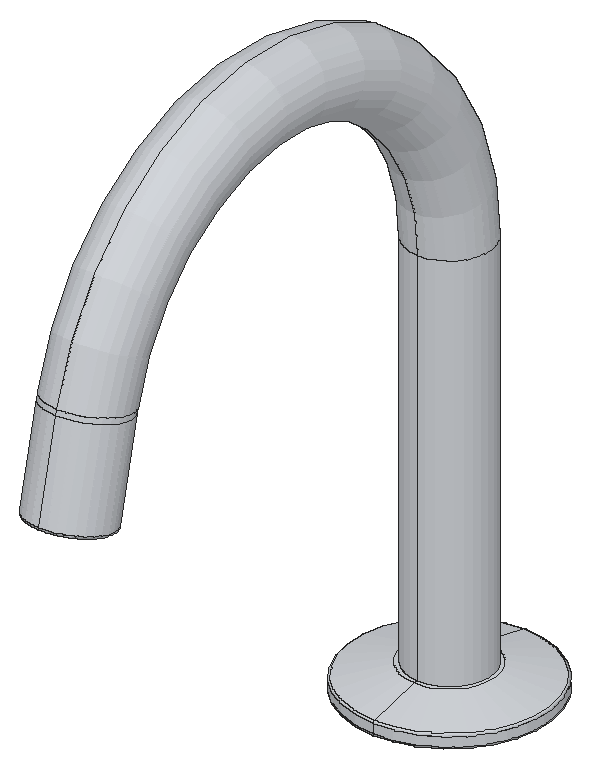
Revit family "A", category Plumbing Fixtures, host Face, Revit 2021
Family settings
  Host = Face
  Round Connector Dimension = Use Diameter
  Part Type = Normal
  OmniClass Number = 23.31.11.00
  Cut with Voids When Loaded = No
  Shared = No
  Room Calculation Point = No
Parameters (values of type "0.5 GPM, CP-Polished Chrome")
  Width = 2.3622"  # constant formula
  WaterSense Certified = 1 = 0  # no
  Waste Water Outlet = "Waste Water Outlet"  # constant formula
  Waste Connection = 1 = 0  # no
  Vent Connection = 1 = 0  # no
  URL = "https://www.us.kohler.com/us/"
  Type = 1
  Tempered Water Inlet = "Tempered Water Inlet"  # constant formula
  Spout Reach = 5.75591"  # constant formula
  Product Page URL = "http://www.us.kohler.com/us/catalog/productDetails.jsp?productNumber=104MT77-SANA"
  Product Name = "Components"  # constant formula
  Product Documentation Link = "https://www.us.kohler.com/webassets/kpna/catalog/pdf/en/K-104MT77-SANA _spec_US-CA_Kohler_en.pdf"
  Pressure = 0.00 psi
  Model = if(Type = 1, "K-104MT77-SANA -CP", "NA")  # "K-104MT77-SANA -CP"
  Material = "Premium Metal Construction"  # constant formula
  Master Format 2014 Name = "Residential Faucets, Supplies, and Trim"  # constant formula
  Master Format 2014 = "22 41 39"  # constant formula
  Manufacturer Address = "444 Highland Dr, Kohler, WI 53044"  # constant formula
  Manufacturer = "Kohler Co."  # constant formula
  Length = Spout Reach  # 5.75591"
  Hot Water Inlet = "Hot Water Inlet"  # constant formula
  Height = 8.38583"  # constant formula
  HW Connection = 1 = 1  # yes
  Flow Rate = 0.5 GPM  # constant formula
  Finish = Kohler-Metal-CP-Polished_Chrome
  Environmental Product Declaration = ""
  Drain Included = 1 = 1  # yes
  Description = "TB S Deck Mount 0.5 GPM DC With Mixer"  # constant formula
  Default Elevation = 36"
  Declare Label = ""
  Date Modified = "02/28/2024"  # constant formula
  Date Created = "02/28/2024"  # constant formula
  Copyright = "Copyright Kohler Co."  # constant formula
  Contact Us = "https://www.us.kohler.com/us/static/contact.jsp"
  Cold Water Inlet = "Cold Water Inlet"  # constant formula
  CW Connection = 1 = 0  # no
  Assembly Code = "D2010"
  ADA Compliant = 1 = 0  # no
Reference planes (in)
  plane 1 "Center (Front/Back)": y = 0
  plane 2: z = 0
  plane 3 "Center (Left/Right)": x = 0
  plane 4: y = 1.1811
  plane 5: y = -1.1811
  plane 6: x = -1.1811
  plane 7: x = 1.1811
  plane 8: y = 0.49213
  plane 9: y = -0.49213
  plane 10: y = -6.38145
  plane 11: x = -0.49213
  plane 12: x = 0.49213
  plane 13: z = 8.38583
  plane 14: z = 4.40945
  plane 15: through (0, 1.1811, 2.80687) normal (0, 0.225, 0.9744)
  plane 16: y = -5.75591
Dimensions and locks (in)
  plane 6 to plane 7 = 2.3622"
  plane 11 to plane 12 = 0.98425"  (x2)
  plane 4 to plane 5 = 2.3622"  (x3)
  plane 4 to plane 10 = 7.56255"  (x2)
  plane 10 to plane 1 "Center (Front/Back)" = 6.38145"
  "Height": plane 13 to level
  "Width": plane 6 to plane 7
  plane 14 to level = 4.40945"
  level to plane 14 = 4.40945"
  level to plane 13 = 8.38583"
  plane 1 "Center (Front/Back)" to plane 10 = 6.38145"
  "Length": plane 1 "Center (Front/Back)" to plane 16
  plane 8 to plane 9 = 0.98425"
  aligned and locked: plane 2 to host face
  aligned and locked: level to host face
Automatic sketch dimensions
  host sketch curve to host sketch curve = 96"  (x2)
Nested families (in)
  nested 1: "K-104MT77" at (0, 0, 0), type "K-104MT77"
Connectors (in)
  piping at (0, 0, 0), diameter 0.5, driven by "Flow Rate", driven by "CW Connection", driven by "Tempered Water Inlet"
    settings: on nested 1, index 1, connector inside diameter 24", connector length 0", flow factor 0, pipe flow 0.5 GPM, pressure drop 0.00 psi, fitting loss kfactor 0, connector angle 0.00°, fixture units 0, engagement length 0", angle of deflection 0.00°, flow configuration 1, flow direction 1, fitting loss method 0, system type 19, joint type 0, gender type 0, connector reference index -1, connector utility 0, adjustable connector no, is connector primary yes, connector description "Tempered Water Inlet"
Definition of nested family "K-104MT77"
  Parameters
    Material = none
    Default Elevation = 0"
  Reference planes (in)
    plane 1 "Center (Front/Back)": y = 0
    plane 2: z = 0
    plane 3 "Center (Left/Right)": x = 0
    plane 4: z = 8.38583
    plane 5: x = -0.49213
    plane 6: x = 0.49213
    plane 7: x = -1.1811
    plane 8: x = 1.1811
    plane 9: y = 0.49213
    plane 10: y = -0.49213
    plane 11: y = 1.1811
    plane 12: y = -1.1811
    plane 13: z = 4.40945
    plane 14: y = -6.38145
    plane 15: z = 0.31486
    plane 16: z = 0.16114
    plane 17: z = 0.14187
    plane 18 "AA": through (0, -5.85373, 4.45372) normal (0, 0.225, 0.9744)
    plane 19: through (0, -5.44585, 4.35249) normal (0, 0.225, 0.9744)
    plane 20: through (0, -6.01229, 4.4676) normal (0, -0.225, -0.9744)
  Forms (in)
    Revolve 1, solid, material <- "Material", detail levels medium+fine
      sketch origin (0, 0, 0) x (0, 1, 0) y (0, 0, 1)
        loop
          arc (1.16142, 0) -> (1.17534, 0.00577) -> (1.1811, 0.01969) r 0.01969
          line (1.1811, 0.01969) -> (1.1811, 0.13546)
          arc (1.1811, 0.13546) -> (1.17511, 0.1527) -> (1.15971, 0.1625) r 0.02779
          line (1.15971, 0.1625) -> (0.54311, 0.30838)
          arc (0.54311, 0.30838) -> (0.51554, 0.31323) -> (0.4876, 0.31486) r 0.24114
          line (0.4876, 0.31486) -> (0, 0.31486) -> (0, 0) -> (1.16142, 0)
        axis (0, 0.31486) -> (0, 0)
      angle from 0 to 360
    Sweep 2, solid, material <- "Material", detail levels medium+fine
      path origin (0, 0, 0) x (0, 1, 0) y (0, 0, 1)
        loop
          line (-5.71344, 5.30848) -> (-5.62488, 5.69209)
          arc (-5.62488, 5.69209) -> (-2.52644, 7.88185) -> (0, 5.05121) r 2.84895
          line (0, 5.05121) -> (0, 0.21572)
      profile origin (0, 0, 2.63347) x (1, 0, 0) y (0, 1, 0)
        loop
          circle (0, 0) r 0.49213
    Revolve 3, solid, material <- "Material", detail levels medium+fine
      sketch origin (0, 0, 0) x (0, 1, 0) y (0, 0, 1)
        loop
          line (-5.90789, 4.46625) -> (-5.63893, 5.63124) -> (-6.11844, 5.74195) -> (-6.38209, 4.59997)
          arc (-6.38209, 4.59997) -> (-6.3791, 4.58213) -> (-6.36439, 4.57164) r 0.02362
          line (-6.36439, 4.57164) -> (-5.90789, 4.46625)
        axis (-5.63893, 5.63124) -> (-5.90789, 4.46625)
      angle from 0 to 360
    Extrusion 4, void
      sketch origin (0, 0.67997, 2.94529) x (0, 0.97437, -0.224951) y (-1, 0, 0)
        loop
          circle (-6.5984, 0.00027) r 0.28331
      from -0.37167 to 0.45149
    Extrusion 5, solid, detail levels medium+fine
      sketch origin (0, 0.67997, 2.94529) x (0, 0.97437, -0.224951) y (-1, 0, 0)
        loop
          arc (-6.31509, 0.00027) -> (-6.3159, 0.02172) -> (-6.31834, 0.04304) r 0.28331
          line (-6.31834, 0.04304) -> (-6.38091, 0.04304)
          arc (-6.38091, 0.04304) -> (-6.37675, 0.00124) -> (-6.38054, -0.04059) r 0.22165
          line (-6.38054, -0.04059) -> (-6.31805, -0.04059)
          arc (-6.31805, -0.04059) -> (-6.31583, -0.02021) -> (-6.31509, 0.00027) r 0.28331
        loop
          arc (-6.88171, 0.00027) -> (-6.8809, -0.0211) -> (-6.87849, -0.04234) r 0.28331
          line (-6.87849, -0.04234) -> (-6.81592, -0.04234)
          arc (-6.81592, -0.04234) -> (-6.82005, 0.00198) -> (-6.81524, 0.04623) r 0.22165
          line (-6.81524, 0.04623) -> (-6.87796, 0.04623)
          arc (-6.87796, 0.04623) -> (-6.88077, 0.02333) -> (-6.88171, 0.00027) r 0.28331
        loop
          arc (-6.78469, 0.12038) -> (-6.75625, 0.15588) -> (-6.72116, 0.18483) r 0.22165
          line (-6.72116, 0.18483) -> (-6.76544, 0.2291)
          arc (-6.76544, 0.2291) -> (-6.79984, 0.19949) -> (-6.82907, 0.16476) r 0.28331
          line (-6.82907, 0.16476) -> (-6.78469, 0.12038)
        loop
          arc (-6.64461, 0.21706) -> (-6.60315, 0.22188) -> (-6.56153, 0.21884) r 0.22165
          line (-6.56153, 0.21884) -> (-6.56153, 0.28117)
          arc (-6.56153, 0.28117) -> (-6.60312, 0.28354) -> (-6.64461, 0.27979) r 0.28331
          line (-6.64461, 0.27979) -> (-6.64461, 0.21706)
        loop
          arc (-6.47706, 0.18576) -> (-6.44304, 0.15836) -> (-6.41504, 0.12482) r 0.22165
          line (-6.41504, 0.12482) -> (-6.37084, 0.16903)
          arc (-6.37084, 0.16903) -> (-6.40139, 0.20386) -> (-6.43721, 0.23326) r 0.28331
          line (-6.43721, 0.23326) -> (-6.47706, 0.18576)
        loop
          arc (-6.41731, -0.12754) -> (-6.44401, -0.15876) -> (-6.47601, -0.18453) r 0.22165
          line (-6.47601, -0.18453) -> (-6.43172, -0.22882)
          arc (-6.43172, -0.22882) -> (-6.39663, -0.19861) -> (-6.36693, -0.16309) r 0.28331
          line (-6.36693, -0.16309) -> (-6.41731, -0.12754)
        loop
          arc (-6.55791, -0.21765) -> (-6.6011, -0.22137) -> (-6.64419, -0.2166) r 0.22165
          line (-6.64419, -0.2166) -> (-6.64419, -0.27931)
          arc (-6.64419, -0.27931) -> (-6.60108, -0.28302) -> (-6.55791, -0.28013) r 0.28331
          line (-6.55791, -0.28013) -> (-6.55791, -0.21765)
        loop
          line (-6.78424, -0.12053) -> (-6.82859, -0.16488)
          arc (-6.82859, -0.16488) -> (-6.79802, -0.20077) -> (-6.76192, -0.23109) r 0.28331
          line (-6.76192, -0.23109) -> (-6.72301, -0.18304)
          arc (-6.72301, -0.18304) -> (-6.75674, -0.15484) -> (-6.78424, -0.12053) r 0.22165
      from -0.01199 to 0.52506
    Extrusion 6, solid, detail levels medium+fine
      sketch origin (0, 0.67997, 2.94529) x (0, 0.97437, -0.224951) y (-1, 0, 0)
        loop
          circle (-6.5984, 0.00027) r 0.18057
        loop
          circle (-6.5984, 0.00027) r 0.0353
        loop
          line (-6.70759, 0.00197) -> (-6.69186, -0.02527) -> (-6.6604, -0.02527) -> (-6.64467, 0.00197) -> (-6.6604, 0.02922) -> (-6.69186, 0.02922) -> (-6.70759, 0.00197)
        loop
          line (-6.70759, -0.06957) -> (-6.69186, -0.09681) -> (-6.6604, -0.09681) -> (-6.64467, -0.06957) -> (-6.6604, -0.04232) -> (-6.69186, -0.04232) -> (-6.70759, -0.06957)
        loop
          line (-6.49076, -0.0011) -> (-6.50648, 0.02614) -> (-6.53794, 0.02614) -> (-6.55367, -0.0011) -> (-6.53794, -0.02835) -> (-6.50648, -0.02835) -> (-6.49076, -0.0011)
        loop
          line (-6.49076, -0.07264) -> (-6.50648, -0.0454) -> (-6.53794, -0.0454) -> (-6.55367, -0.07264) -> (-6.53794, -0.09988) -> (-6.50648, -0.09988) -> (-6.49076, -0.07264)
        loop
          line (-6.70759, 0.07351) -> (-6.69186, 0.04626) -> (-6.6604, 0.04626) -> (-6.64467, 0.07351) -> (-6.6604, 0.10075) -> (-6.69186, 0.10075) -> (-6.70759, 0.07351)
        loop
          line (-6.49076, 0.07043) -> (-6.50648, 0.09768) -> (-6.53794, 0.09768) -> (-6.55367, 0.07043) -> (-6.53794, 0.04319) -> (-6.50648, 0.04319) -> (-6.49076, 0.07043)
        loop
          line (-6.56809, 0.06428) -> (-6.58382, 0.09152) -> (-6.61528, 0.09152) -> (-6.63101, 0.06428) -> (-6.61528, 0.03704) -> (-6.58382, 0.03704) -> (-6.56809, 0.06428)
        loop
          line (-6.56809, 0.12988) -> (-6.58382, 0.15712) -> (-6.61528, 0.15712) -> (-6.63101, 0.12988) -> (-6.61528, 0.10264) -> (-6.58382, 0.10264) -> (-6.56809, 0.12988)
        loop
          line (-6.56809, -0.06681) -> (-6.58382, -0.03957) -> (-6.61528, -0.03957) -> (-6.63101, -0.06681) -> (-6.61528, -0.09406) -> (-6.58382, -0.09406) -> (-6.56809, -0.06681)
        loop
          line (-6.56809, -0.13241) -> (-6.58382, -0.10517) -> (-6.61528, -0.10517) -> (-6.63101, -0.13241) -> (-6.61528, -0.15966) -> (-6.58382, -0.15966) -> (-6.56809, -0.13241)
      from 0.02783 to 0.69865
    Extrusion 7, solid, detail levels medium+fine
      sketch origin (0, 0.67997, 2.94529) x (0, 0.97437, -0.224951) y (-1, 0, 0)
        loop
          circle (-6.5984, 0.00027) r 0.18057
        loop
          circle (-6.5984, 0.00027) r 0.20412
      from 0 to 0.45149
    Extrusion 8, solid, detail levels medium+fine
      sketch origin (0, 0.67997, 2.94529) x (0, 0.97437, -0.224951) y (-1, 0, 0)
        loop
          circle (-6.5984, 0.00027) r 0.28331
        loop
          circle (-6.5984, 0.00027) r 0.20412
      from 0.03685 to 1.13893
    Extrusion 9, solid, material <- "Material"
      sketch origin (0, 0, 0) x (1, 0, 0) y (0, 1, 0)
        loop
          circle (0, 0) r 0.09843
      from 0 to 0.21572
    Revolve 10, solid, material <- "Material", detail levels coarse
      sketch origin (0, 0, 0) x (0, 1, 0) y (0, 0, 1)
        loop
          line (1.1811, 0) -> (1.1811, 0.12604)
          arc (1.1811, 0.12604) -> (1.17252, 0.15058) -> (1.1505, 0.16442) r 0.03937
          line (1.1505, 0.16442) -> (0.53899, 0.30415)
          arc (0.53899, 0.30415) -> (0.49182, 0.31217) -> (0.44405, 0.31486) r 0.42621
          line (0.44405, 0.31486) -> (0, 0.31486) -> (0, 0) -> (1.1811, 0)
        axis (0, 0.31486) -> (0, 0)
      angle from 0 to 360
    Sweep 11, solid, material <- "Material", detail levels coarse
      path origin (0, 0, 0) x (0, 1, 0) y (0, 0, 1)
        loop
          line (-5.90344, 4.46875) -> (-5.63491, 5.63187)
          arc (-5.63491, 5.63187) -> (-2.53094, 7.82553) -> (0, 4.98985) r 2.85403
          line (0, 4.98985) -> (0, 0.14187)
      profile origin (0, 0, 2.56586) x (1, 0, 0) y (0, 1, 0)
        loop
          circle (0, 0) r 0.49213
    Extrusion 12, solid, detail levels coarse
      sketch origin (0, 0.67997, 2.94529) x (0, 0.97437, -0.224951) y (-1, 0, 0)
        loop
          circle (-6.5984, 0.00027) r 0.28331
      from 0.00347 to 0.69865
  Cuts and joins
    Extrusion 4 cuts Revolve 3
    joined: Sweep 2, Revolve 3
    Extrusion 4 cuts Sweep 11
  Lines and regions (in)
    Masking region 1
      outline origin (0, 0, 0) x (1, 0, 0) y (0, 1, 0)
        loop
          arc (-1.1811, 0) -> (-0.99405, -0.63787) -> (-0.49213, -1.07369) r 1.1811
          line (-0.49213, -1.07369) -> (-0.49213, -5.91883)
          arc (-0.49213, -5.91883) -> (-0.42001, -6.14984) -> (-0.24592, -6.31793) r 0.48878
          arc (-0.24592, -6.31793) -> (-0.12704, -6.3653) -> (-0.00009, -6.38145) r 0.50783
          arc (-0.00009, -6.38145) -> (0.12695, -6.36532) -> (0.24592, -6.31793) r 0.50783
          arc (0.24592, -6.31793) -> (0.41953, -6.15066) -> (0.49213, -5.92077) r 0.48901
          line (0.49213, -5.92077) -> (0.49213, -1.07369)
          arc (0.49213, -1.07369) -> (0.99405, -0.63787) -> (1.1811, 0) r 1.1811
          arc (1.1811, 0) -> (0.83517, 0.83517) -> (0, 1.1811) r 1.1811
          arc (0, 1.1811) -> (-0.83517, 0.83517) -> (-1.1811, 0) r 1.1811
    Masking region 2
      outline origin (0, 0, 0) x (1, 0, 0) y (0, 0, 1)
        loop
          line (-0.49213, 7.93018) -> (-0.49213, 0.31486)
          arc (-0.49213, 0.31486) -> (-0.51164, 0.31351) -> (-0.53089, 0.31006) r 0.18147
          line (-0.53089, 0.31006) -> (-1.16266, 0.16145)
          arc (-1.16266, 0.16145) -> (-1.17593, 0.15302) -> (-1.1811, 0.13817) r 0.02392
          line (-1.1811, 0.13817) -> (-1.1811, 0.01969)
          arc (-1.1811, 0.01969) -> (-1.17534, 0.00577) -> (-1.16142, 0) r 0.01969
          line (-1.16142, 0) -> (1.16142, 0)
          arc (1.16142, 0) -> (1.17534, 0.00577) -> (1.1811, 0.01969) r 0.01969
          line (1.1811, 0.01969) -> (1.1811, 0.13817)
          arc (1.1811, 0.13817) -> (1.17593, 0.15302) -> (1.16266, 0.16145) r 0.02392
          line (1.16266, 0.16145) -> (0.53089, 0.31006)
          arc (0.53089, 0.31006) -> (0.51164, 0.31351) -> (0.49213, 0.31486) r 0.18147
          line (0.49213, 0.31486) -> (0.49213, 7.92885)
          arc (0.49213, 7.92885) -> (0.419, 8.15082) -> (0.25292, 8.31524) r 0.49959
          arc (0.25292, 8.31524) -> (0.13129, 8.36785) -> (0, 8.38583) r 0.48843
          arc (0, 8.38583) -> (-0.13129, 8.36785) -> (-0.25292, 8.31524) r 0.48843
          arc (-0.25292, 8.31524) -> (-0.41868, 8.15139) -> (-0.49213, 7.93018) r 0.49987
    Masking region 3
      outline origin (0, 0, 0) x (0, 1, 0) y (0, 0, 1)
        loop
          arc (1.16142, 0) -> (1.17534, 0.00577) -> (1.1811, 0.01969) r 0.01969
          line (1.1811, 0.01969) -> (1.1811, 0.1388)
          arc (1.1811, 0.1388) -> (1.176, 0.15346) -> (1.16291, 0.16179) r 0.02362
          line (1.16291, 0.16179) -> (0.53614, 0.30987)
          arc (0.53614, 0.30987) -> (0.51428, 0.31368) -> (0.49213, 0.31486) r 0.18633
          line (0.49213, 0.31486) -> (0.49213, 5.04589)
          arc (0.49213, 5.04589) -> (-0.46891, 7.39279) -> (-2.80245, 8.38583) r 3.33605
          arc (-2.80245, 8.38583) -> (-3.17699, 8.36955) -> (-3.54738, 8.3116) r 3.35661
          arc (-3.54738, 8.3116) -> (-5.19054, 7.42612) -> (-6.10192, 5.79719) r 3.33982
          line (-6.10192, 5.79719) -> (-6.38095, 4.58856)
          arc (-6.38095, 4.58856) -> (-6.37847, 4.57372) -> (-6.36621, 4.56497) r 0.01967
          line (-6.36621, 4.56497) -> (-6.03805, 4.48921) -> (-6.01229, 4.4676) -> (-5.49766, 4.34878) -> (-5.44585, 4.35249)
          arc (-5.44585, 4.35249) -> (-5.4303, 4.35509) -> (-5.42114, 4.36794) r 0.02061
          line (-5.42114, 4.36794) -> (-5.14297, 5.5728)
          arc (-5.14297, 5.5728) -> (-2.58107, 7.38337) -> (-0.49213, 5.0429) r 2.35561
          line (-0.49213, 5.0429) -> (-0.49213, 0.31486)
          arc (-0.49213, 0.31486) -> (-0.51428, 0.31368) -> (-0.53614, 0.30987) r 0.18633
          line (-0.53614, 0.30987) -> (-1.16291, 0.16179)
          arc (-1.16291, 0.16179) -> (-1.176, 0.15346) -> (-1.1811, 0.1388) r 0.02362
          line (-1.1811, 0.1388) -> (-1.1811, 0.01969)
          arc (-1.1811, 0.01969) -> (-1.17534, 0.00577) -> (-1.16142, 0) r 0.01969
          line (-1.16142, 0) -> (1.16142, 0)
    symbolic lines, detail levels medium+fine
      curve 1: line (-0.49213, 0, 0) -> (-0.49213, -1.1811, 0)
      curve 2: line (0.49213, 0, 0) -> (0.49213, -1.1811, 0)
      curve 3: arc (-0.39755, 0.27432, 0) -> (0.00535, 0.49216, 0) -> (0.40825, 0.27432, 0) r 0.48151
      curve 4: arc (-0.49213, 0, 0) -> (-0.4619, 0.14304, 0) -> (-0.39755, 0.27432, 0) r 0.59227
      curve 5: arc (0.40825, 0.27432, 0) -> (0.46971, 0.14313, 0) -> (0.49213, 0, 0) r 0.51409
      curve 6: arc (0.49213, -0.20753, 0) -> (0, 0.5341, 0) -> (-0.49213, -0.20753, 0) r 0.5341
      curve 7: arc (0.49213, -1.05486, 0) -> (0, 1.16401, 0) -> (-0.49213, -1.05486, 0) r 1.16401
      curve 8: arc (-0.49213, -5.45945, 0) -> (0, -5.95158, 0) -> (0.49213, -5.45945, 0) r 0.49213
      curve 9: line (-1.18068, 0, 0.14187) -> (1.18069, 0, 0.14187)
      curve 10: line (-0.49213, 0, 0.31486) -> (0.49213, 0, 0.31486)
      curve 11: line (-0.53089, 0, 0.31006) -> (0.53089, 0, 0.31006)
      curve 12: spline (0.25988, 0, 4.45554) -> (0.23293, 0, 4.46763) -> (0.19768, 0, 4.47819) -> (0.15537, 0, 4.48685) -> (0.10753, 0, 4.4933) -> (0.05586, 0, 4.4973) -> (0.00219, 0, 4.49873) -> (-0.05155, 0, 4.49752) -> (-0.10346, 0, 4.49371) -> (-0.15168, 0, 4.48746) -> (-0.19449, 0, 4.47897) -> (-0.23036, 0, 4.46854) -> (-0.25803, 0, 4.45657)
      curve 13: line (-0.04189, 0, 4.35394) -> (-0.04189, 0, 4.40945)
      curve 14: line (-0.04189, 0, 4.40945) -> (0.03963, 0, 4.40945)
      curve 15: line (0.03963, 0, 4.40945) -> (0.03963, 0, 4.35394)
      curve 16: line (0.03963, 0, 4.35394) -> (-0.04189, 0, 4.35394)
      curve 17: line (0.12213, 0, 4.40945) -> (0.12213, 0, 4.36637)
      curve 18: line (0.12213, 0, 4.36637) -> (0.18417, 0, 4.383)
      curve 19: line (0.18417, 0, 4.383) -> (0.18417, 0, 4.42226)
      curve 20: line (0.18417, 0, 4.42226) -> (0.12213, 0, 4.40945)
      curve 21: line (0.18417, 0, 4.42226) -> (0.21935, 0, 4.40945)
      curve 22: line (0.21935, 0, 4.40945) -> (0.21935, 0, 4.37854)
      curve 23: line (0.21935, 0, 4.37854) -> (0.18417, 0, 4.383)
      curve 24: line (0.12213, 0, 4.36637) -> (0.15247, 0, 4.36253)
      curve 25: line (0.15247, 0, 4.36253) -> (0.21935, 0, 4.37854)
      curve 26: line (-0.12213, 0, 4.40945) -> (-0.12213, 0, 4.36637)
      curve 27: line (-0.12213, 0, 4.36637) -> (-0.18417, 0, 4.383)
      curve 28: line (-0.18417, 0, 4.383) -> (-0.18417, 0, 4.42226)
      curve 29: line (-0.18417, 0, 4.42226) -> (-0.12213, 0, 4.40945)
      curve 30: line (-0.18417, 0, 4.42226) -> (-0.21935, 0, 4.40945)
      curve 31: line (-0.21935, 0, 4.40945) -> (-0.21935, 0, 4.37854)
      curve 32: line (-0.21935, 0, 4.37854) -> (-0.18417, 0, 4.383)
      curve 33: line (-0.12213, 0, 4.36637) -> (-0.15234, 0, 4.36254)
      curve 34: line (-0.15234, 0, 4.36254) -> (-0.21935, 0, 4.37854)
      curve 35: line (-0.04189, 0, 4.49793) -> (-0.04189, 0, 4.46004)
      curve 36: line (-0.04189, 0, 4.46004) -> (0.03963, 0, 4.46004)
      curve 37: line (0.03963, 0, 4.46004) -> (0.03963, 0, 4.49802)
      curve 38: line (-0.04189, 0, 4.46986) -> (0.03963, 0, 4.46986)
      curve 39: line (0.12579, 0, 4.44362) -> (0.15837, 0, 4.45235)
      curve 40: line (0.15837, 0, 4.45235) -> (0.21416, 0, 4.4374)
      curve 41: line (0.12579, 0, 4.44362) -> (0.12579, 0, 4.49118)
      curve 42: line (0.15837, 0, 4.45235) -> (0.15837, 0, 4.48634)
      curve 43: line (0.21416, 0, 4.4374) -> (0.21416, 0, 4.47375)
      curve 44: line (0.21416, 0, 4.4374) -> (0.18417, 0, 4.42937)
      curve 45: line (0.18417, 0, 4.42937) -> (0.12579, 0, 4.44362)
      curve 46: line (0.21935, 0, 4.4551) -> (0.21935, 0, 4.4175)
      curve 47: line (0.21935, 0, 4.4175) -> (0.25911, 0, 4.4175)
      curve 48: line (0.25911, 0, 4.4175) -> (0.25911, 0, 4.4551)
      curve 49: line (0.25911, 0, 4.4551) -> (0.21935, 0, 4.4551)
      curve 50: line (-0.12579, 0, 4.44362) -> (-0.15837, 0, 4.45235)
      curve 51: line (-0.15837, 0, 4.45235) -> (-0.21416, 0, 4.4374)
      curve 52: line (-0.12579, 0, 4.44362) -> (-0.12579, 0, 4.49118)
      curve 53: line (-0.15837, 0, 4.45235) -> (-0.15837, 0, 4.48634)
      curve 54: line (-0.21416, 0, 4.4374) -> (-0.21416, 0, 4.47375)
      curve 55: line (-0.21416, 0, 4.4374) -> (-0.18417, 0, 4.42937)
      curve 56: line (-0.18417, 0, 4.42937) -> (-0.12579, 0, 4.44362)
      curve 57: line (-0.21935, 0, 4.4551) -> (-0.21935, 0, 4.4175)
      curve 58: line (-0.21935, 0, 4.4175) -> (-0.25988, 0, 4.4175)
      curve 59: line (-0.25988, 0, 4.4175) -> (-0.25988, 0, 4.4551)
      curve 60: line (-0.25988, 0, 4.4551) -> (-0.21935, 0, 4.4551)
      curve 61: spline (-0.03343, 0, 4.44434) -> (-0.03229, 0, 4.44631) -> (-0.02895, 0, 4.44815) -> (-0.02364, 0, 4.44972) -> (-0.01672, 0, 4.45093) -> (-0.00865, 0, 4.45169) -> (0, 0, 4.45195) -> (0.00865, 0, 4.45169) -> (0.01672, 0, 4.45093) -> (0.02364, 0, 4.44972) -> (0.02895, 0, 4.44815) -> (0.03229, 0, 4.44631) -> (0.03343, 0, 4.44434) -> (0.03229, 0, 4.44238) -> (0.02895, 0, 4.44054) -> (0.02364, 0, 4.43897) -> (0.01672, 0, 4.43776) -> (0.00865, 0, 4.437) -> (0, 0, 4.43674) -> (-0.00865, 0, 4.437) -> (-0.01672, 0, 4.43776) -> (-0.02364, 0, 4.43897) -> (-0.02895, 0, 4.44054) -> (-0.03229, 0, 4.44238) -> (-0.03343, 0, 4.44434)
      curve 62: spline (0.03997, 0, 4.44127) -> (0.0411, 0, 4.44324) -> (0.04444, 0, 4.44507) -> (0.04976, 0, 4.44664) -> (0.05668, 0, 4.44785) -> (0.06475, 0, 4.44861) -> (0.0734, 0, 4.44887) -> (0.08205, 0, 4.44861) -> (0.09012, 0, 4.44785) -> (0.09704, 0, 4.44664) -> (0.10235, 0, 4.44507) -> (0.10569, 0, 4.44324) -> (0.10683, 0, 4.44127) -> (0.10569, 0, 4.4393) -> (0.10235, 0, 4.43747) -> (0.09704, 0, 4.43589) -> (0.09012, 0, 4.43468) -> (0.08205, 0, 4.43392) -> (0.0734, 0, 4.43366) -> (0.06475, 0, 4.43392) -> (0.05668, 0, 4.43468) -> (0.04976, 0, 4.43589) -> (0.04444, 0, 4.43747) -> (0.0411, 0, 4.4393) -> (0.03997, 0, 4.44127)
      curve 63: spline (0.04455, 0, 4.47294) -> (0.04569, 0, 4.47491) -> (0.04903, 0, 4.47674) -> (0.05434, 0, 4.47832) -> (0.06127, 0, 4.47952) -> (0.06933, 0, 4.48028) -> (0.07798, 0, 4.48054) -> (0.08664, 0, 4.48028) -> (0.0947, 0, 4.47952) -> (0.10163, 0, 4.47832) -> (0.10694, 0, 4.47674) -> (0.11028, 0, 4.47491) -> (0.11142, 0, 4.47294) -> (0.11028, 0, 4.47097) -> (0.10694, 0, 4.46914) -> (0.10163, 0, 4.46756) -> (0.0947, 0, 4.46635) -> (0.08664, 0, 4.4656) -> (0.07798, 0, 4.46534) -> (0.06933, 0, 4.4656) -> (0.06127, 0, 4.46635) -> (0.05434, 0, 4.46756) -> (0.04903, 0, 4.46914) -> (0.04569, 0, 4.47097) -> (0.04455, 0, 4.47294)
      curve 64: spline (-0.03997, 0, 4.44127) -> (-0.0411, 0, 4.44324) -> (-0.04444, 0, 4.44507) -> (-0.04976, 0, 4.44664) -> (-0.05668, 0, 4.44785) -> (-0.06475, 0, 4.44861) -> (-0.0734, 0, 4.44887) -> (-0.08205, 0, 4.44861) -> (-0.09012, 0, 4.44785) -> (-0.09704, 0, 4.44664) -> (-0.10235, 0, 4.44507) -> (-0.10569, 0, 4.44324) -> (-0.10683, 0, 4.44127) -> (-0.10569, 0, 4.4393) -> (-0.10235, 0, 4.43747) -> (-0.09704, 0, 4.43589) -> (-0.09012, 0, 4.43468) -> (-0.08205, 0, 4.43392) -> (-0.0734, 0, 4.43366) -> (-0.06475, 0, 4.43392) -> (-0.05668, 0, 4.43468) -> (-0.04976, 0, 4.43589) -> (-0.04444, 0, 4.43747) -> (-0.0411, 0, 4.4393) -> (-0.03997, 0, 4.44127)
      curve 65: spline (-0.04455, 0, 4.47294) -> (-0.04569, 0, 4.47491) -> (-0.04903, 0, 4.47674) -> (-0.05434, 0, 4.47832) -> (-0.06127, 0, 4.47952) -> (-0.06933, 0, 4.48028) -> (-0.07798, 0, 4.48054) -> (-0.08664, 0, 4.48028) -> (-0.0947, 0, 4.47952) -> (-0.10163, 0, 4.47832) -> (-0.10694, 0, 4.47674) -> (-0.11028, 0, 4.47491) -> (-0.11142, 0, 4.47294) -> (-0.11028, 0, 4.47097) -> (-0.10694, 0, 4.46914) -> (-0.10163, 0, 4.46756) -> (-0.0947, 0, 4.46635) -> (-0.08664, 0, 4.4656) -> (-0.07798, 0, 4.46534) -> (-0.06933, 0, 4.4656) -> (-0.06127, 0, 4.46635) -> (-0.05434, 0, 4.46756) -> (-0.04903, 0, 4.46914) -> (-0.04569, 0, 4.47097) -> (-0.04455, 0, 4.47294)
      curve 66: spline (-0.03343, 0, 4.42023) -> (-0.03229, 0, 4.41826) -> (-0.02895, 0, 4.41642) -> (-0.02364, 0, 4.41485) -> (-0.01672, 0, 4.41364) -> (-0.00865, 0, 4.41288) -> (0, 0, 4.41262) -> (0.00865, 0, 4.41288) -> (0.01672, 0, 4.41364) -> (0.02364, 0, 4.41485) -> (0.02895, 0, 4.41642) -> (0.03229, 0, 4.41826) -> (0.03343, 0, 4.42023) -> (0.03229, 0, 4.42219) -> (0.02895, 0, 4.42403) -> (0.02364, 0, 4.4256) -> (0.01672, 0, 4.42681) -> (0.00865, 0, 4.42757) -> (0, 0, 4.42783) -> (-0.00865, 0, 4.42757) -> (-0.01672, 0, 4.42681) -> (-0.02364, 0, 4.4256) -> (-0.02895, 0, 4.42403) -> (-0.03229, 0, 4.42219) -> (-0.03343, 0, 4.42023)
      curve 67: spline (0.03997, 0, 4.42171) -> (0.0411, 0, 4.41974) -> (0.04444, 0, 4.41791) -> (0.04976, 0, 4.41633) -> (0.05668, 0, 4.41512) -> (0.06475, 0, 4.41436) -> (0.0734, 0, 4.41411) -> (0.08205, 0, 4.41436) -> (0.09012, 0, 4.41512) -> (0.09704, 0, 4.41633) -> (0.10235, 0, 4.41791) -> (0.10569, 0, 4.41974) -> (0.10683, 0, 4.42171) -> (0.10569, 0, 4.42368) -> (0.10235, 0, 4.42551) -> (0.09704, 0, 4.42709) -> (0.09012, 0, 4.42829) -> (0.08205, 0, 4.42905) -> (0.0734, 0, 4.42931) -> (0.06475, 0, 4.42905) -> (0.05668, 0, 4.42829) -> (0.04976, 0, 4.42709) -> (0.04444, 0, 4.42551) -> (0.0411, 0, 4.42368) -> (0.03997, 0, 4.42171)
      curve 68: spline (-0.03997, 0, 4.42171) -> (-0.0411, 0, 4.41974) -> (-0.04444, 0, 4.41791) -> (-0.04976, 0, 4.41633) -> (-0.05668, 0, 4.41512) -> (-0.06475, 0, 4.41436) -> (-0.0734, 0, 4.41411) -> (-0.08205, 0, 4.41436) -> (-0.09012, 0, 4.41512) -> (-0.09704, 0, 4.41633) -> (-0.10235, 0, 4.41791) -> (-0.10569, 0, 4.41974) -> (-0.10683, 0, 4.42171) -> (-0.10569, 0, 4.42368) -> (-0.10235, 0, 4.42551) -> (-0.09704, 0, 4.42709) -> (-0.09012, 0, 4.42829) -> (-0.08205, 0, 4.42905) -> (-0.0734, 0, 4.42931) -> (-0.06475, 0, 4.42905) -> (-0.05668, 0, 4.42829) -> (-0.04976, 0, 4.42709) -> (-0.04444, 0, 4.42551) -> (-0.0411, 0, 4.42368) -> (-0.03997, 0, 4.42171)
      curve 69: spline (0.49213, 0, 4.45639) -> (0.47536, 0, 4.48537) -> (0.42619, 0, 4.51238) -> (0.34799, 0, 4.53557) -> (0.24606, 0, 4.55337) -> (0.12737, 0, 4.56456) -> (0, 0, 4.56837) -> (-0.12737, 0, 4.56456) -> (-0.24606, 0, 4.55337) -> (-0.34799, 0, 4.53557) -> (-0.42619, 0, 4.51238) -> (-0.47536, 0, 4.48537) -> (-0.49213, 0, 4.45639) -> (-0.47536, 0, 4.42741) -> (-0.42619, 0, 4.4004) -> (-0.34799, 0, 4.37721) -> (-0.24606, 0, 4.35941) -> (-0.12737, 0, 4.34823) -> (0, 0, 4.34441) -> (0.12737, 0, 4.34823) -> (0.24606, 0, 4.35941) -> (0.34799, 0, 4.37721) -> (0.42619, 0, 4.4004) -> (0.47536, 0, 4.42741) -> (0.49213, 0, 4.45639)
      curve 70: arc (-0.12213, 0, 4.38791) -> (-0.08221, 0, 4.38217) -> (-0.04189, 0, 4.3817) r 0.30826
      curve 71: arc (0.12213, 0, 4.38791) -> (0.08108, 0, 4.38209) -> (0.03963, 0, 4.38183) r 0.30826
      curve 72: arc (-0.16468, 0, 4.43413) -> (-0.10506, 0, 4.41292) -> (-0.04189, 0, 4.40901) r 0.22684
      curve 73: arc (0.16468, 0, 4.43413) -> (0.10392, 0, 4.41269) -> (0.03958, 0, 4.4092) r 0.22684
      curve 74: arc (-0.34839, 0, 5.76275) -> (0.00004, 0, 5.79463) -> (0.34847, 0, 5.76275) r 1.92003
      curve 75: arc (-0.49213, 0, 5.69298) -> (-0.42498, 0, 5.7376) -> (-0.34839, 0, 5.76275) r 0.30019
      curve 76: arc (0.49213, 0, 5.69298) -> (0.42498, 0, 5.7376) -> (0.34839, 0, 5.76275) r 0.30019
      curve 77: spline (0.49208, 0, 4.47021) -> (0.47386, 0, 4.49892) -> (0.42386, 0, 4.5256) -> (0.34542, 0, 4.54846) -> (0.24381, 0, 4.56597) -> (0.12584, 0, 4.57695) -> (-0.00057, 0, 4.58068) -> (-0.12694, 0, 4.57689) -> (-0.24479, 0, 4.56584) -> (-0.34623, 0, 4.54828) -> (-0.42443, 0, 4.52537) -> (-0.47417, 0, 4.49867) -> (-0.49209, 0, 4.46995)
      curve 78: spline (0.49208, 0, 4.44257) -> (0.47386, 0, 4.41387) -> (0.42386, 0, 4.38719) -> (0.34542, 0, 4.36433) -> (0.24381, 0, 4.34682) -> (0.12584, 0, 4.33583) -> (-0.00057, 0, 4.33211) -> (-0.12694, 0, 4.3359) -> (-0.24479, 0, 4.34694) -> (-0.34623, 0, 4.36451) -> (-0.42443, 0, 4.38741) -> (-0.47417, 0, 4.41412) -> (-0.49209, 0, 4.44283)
      curve 79: arc (-0.19568, 0, 4.41806) -> (-0.20765, 0, 4.42379) -> (-0.21935, 0, 4.43005) r 0.29657
      curve 80: arc (0.19568, 0, 4.41806) -> (0.20765, 0, 4.42379) -> (0.21935, 0, 4.43005) r 0.29657
      curve 81: spline (-0.25803, 0, 4.45657) -> (-0.28401, 0, 4.4329) -> (-0.27851, 0, 4.40833) -> (-0.24213, 0, 4.3856) -> (-0.17892, 0, 4.36721) -> (-0.09587, 0, 4.35521) -> (-0.00219, 0, 4.35093) -> (0.09173, 0, 4.35484) -> (0.17548, 0, 4.36651) -> (0.23978, 0, 4.38464) -> (0.2775, 0, 4.40723) -> (0.28445, 0, 4.43177) -> (0.25988, 0, 4.45554)
      curve 82: line (0, -5.42611, 4.35856) -> (0, -6.38069, 4.57894)
      curve 83: line (0, 0.49213, 0.31486) -> (0, -0.49213, 0.31486)
      curve 84: line (0, 0.53614, 0.30987) -> (0, -0.53614, 0.30987)
      curve 85: line (0, 0.49213, 5.04589) -> (0, -0.49225, 5.04589)
      curve 86: line (0, -5.14297, 5.5728) -> (0, -6.10285, 5.79315)
      curve 87: line (0, -5.44585, 4.35249) -> (0, -6.03805, 4.48921)
      curve 88: circle (0, 0, 4.97671) r 0.01969 normal (0, -1, 0)
      curve 89: arc (-0.06887, 0, 4.86398) -> (0.00039, 0, 4.8474) -> (0.06956, 0, 4.86434) r 0.15133
      curve 90: arc (-0.02949, 0, 4.90832) -> (0.00154, 0, 4.9029) -> (0.03235, 0, 4.90947) r 0.08277
      curve 91: arc (-0.05662, 0, 4.88909) -> (-0.00047, 0, 4.87748) -> (0.05496, 0, 4.89213) r 0.12512
      curve 92: arc (0.05496, 0, 4.89213) -> (0.07624, 0, 4.88558) -> (0.06956, 0, 4.86434) r 0.0157
      curve 93: arc (-0.06887, 0, 4.86398) -> (-0.07507, 0, 4.88254) -> (-0.05662, 0, 4.88909) r 0.01397
      curve 94: arc (-0.01987, 0, 4.93038) -> (0.00153, 0, 4.92533) -> (0.02297, 0, 4.93018) r 0.04885
      curve 95: arc (0.02297, 0, 4.93018) -> (0.03826, 0, 4.92463) -> (0.03235, 0, 4.90947) r 0.01137
      curve 96: arc (-0.02949, 0, 4.90832) -> (-0.03624, 0, 4.92439) -> (-0.01987, 0, 4.93038) r 0.01204
      curve 97: line (-1.16353, 0, 0.16114) -> (1.16353, 0, 0.16114)
      curve 98: line (-1.17861, 0, 0.0102) -> (1.17861, 0, 0.0102)
      curve 99: line (0, 1.1647, 0.16114) -> (0, -1.16472, 0.16114)
      curve 100: line (0, 1.18076, 0.14187) -> (0, -1.18076, 0.14187)
      curve 101: line (0, 1.17861, 0.0102) -> (0, -1.17861, 0.0102)
      curve 102: line (-0.06945, -6.29084, 0) -> (-0.00014, -6.29084, 0)
      curve 103: line (-0.00014, -6.31053, 0) -> (-0.06945, -6.31053, 0)
      curve 104: arc (-0.06945, -6.31053, 0) -> (-0.07929, -6.30069, 0) -> (-0.06945, -6.29084, 0) r 0.00984
      curve 105: line (-0.05054, -6.26502, 0) -> (-0.00014, -6.26502, 0)
      curve 106: line (-0.00014, -6.28471, 0) -> (-0.05054, -6.28471, 0)
      curve 107: arc (-0.05054, -6.28471, 0) -> (-0.06039, -6.27487, 0) -> (-0.05054, -6.26502, 0) r 0.00984
      curve 108: line (0.06917, -6.29084, 0) -> (-0.00014, -6.29084, 0)
      curve 109: line (-0.00014, -6.31053, 0) -> (0.06917, -6.31053, 0)
      curve 110: arc (0.06917, -6.31053, 0) -> (0.07901, -6.30069, 0) -> (0.06917, -6.29084, 0) r 0.00984
      curve 111: line (0.05026, -6.26502, 0) -> (-0.00014, -6.26502, 0)
      curve 112: line (-0.00014, -6.28471, 0) -> (0.05026, -6.28471, 0)
      curve 113: arc (0.05026, -6.28471, 0) -> (0.06011, -6.27487, 0) -> (0.05026, -6.26502, 0) r 0.00984
      curve 114: circle (0, -6.24706, 0) r 0.00984 normal (0, 0, 1)
  Dimensions and locks (in)
    plane 4 to level = 8.38583"  (x2)
    plane 9 to plane 10 = 0.98425"
    plane 11 to plane 12 = 2.3622"
    plane 13 to level = 4.40945"
    plane 11 to plane 14 = 7.56255"
    plane 8 to plane 7 = 2.3622"
    plane 6 to plane 5 = 0.98425"
    plane 14 to plane 11 = 7.56255"
    plane 7 to plane 8 = 2.3622"
    plane 12 to plane 11 = 2.3622"
    plane 10 to plane 9 = 0.98425"
    plane 5 to plane 6 = 0.98425"
    aligned and locked: plane 2 to level
